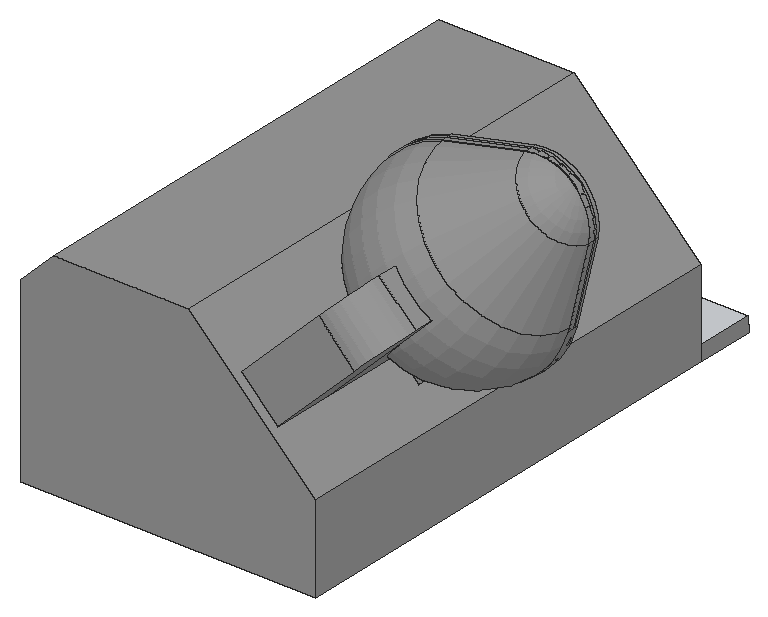
Revit family "Combination-Willoughby-ECW-2046-R-ON", category Plumbing Fixtures, Revit 2015
Parameters (values of type "Standard")
  Waste DIA = 2 3/8"
  Waste Connection = yes
  Vent Connection = no
  URL = "https://www.willoughby-ind.com/wp-content/uploads/2017/12/2046.pdf"
  Revision = "A"
  Lav Waste DIA = 1 1/2"
  Lav Waste Connection = yes
  HW Connection = no
  Flush Inlet DIA = 1 1/2"
  Flush Inlet Connection = yes
  Fixture Body = Stainless Steel AISI 304-Willoughby
  Model = "ECW-2046-R-ON"
  Manufacturer = "Willoughby Industries"
  Description = "2046 Combination Unit, Wall toilet waste outlet, Right hand toilet, Mounted on the floor"
  Default Elevation = 0' - 0"
  Contact = "(800) 428-4065"
  CW Connection = no
Reference planes (in)
  plane 1 "Center (Front/Back)": y = 0
  plane 2: z = 0
  plane 3 "Center (Left/Right)": x = 0
  plane 4: x = 10
  plane 5: x = -10
  plane 6: x = 7.75
  plane 7: x = -1.4375
  plane 8: z = 5.9375
  plane 9: z = 14.5
  plane 10: z = 12.25
  plane 11: y = 32.5
  plane 12: y = 36.5
  plane 13 "Waste HGT": y = 11.5
  plane 14 "Flush Inlet HGT": y = 20.5
  plane 15 "Flush Inlet": x = -6.25
  plane 16 "LAV Waste HGT": y = 24.25
  plane 17 "LAV Waste": x = 2.25
  plane 18: y = 15
  plane 19: x = 6.25
  plane 20 "Lav Waste": x = -2.25
  plane 21: x = -0.25
  plane 22: through (25.12733, 11.75, 7.85808) normal (0.7072, 0, 0.707)
  plane 23: through (23.69321, 11.75, 16.18769) normal (0.7072, 0, 0.707)
  plane 24: through (17.49208, 11.75, 17.77559) normal (0.707, 0, -0.7072)
  plane 25: through (13.24996, 11.75, 22.01875) normal (0.707, 0, -0.7072)
  plane 26: through (5.70707, 0, 10.20707) normal (0.7071, 0, -0.7071)
  plane 27: z = -3
Forms (in)
  Extrusion 1, solid
    sketch origin (0, 0, 0) x (1, 0, 0) y (0, 0, 1)
      loop
        line (10, 0) -> (10, 1.0625) -> (-10, 1.0625) -> (-10, 0) -> (10, 0)
    from -36.5 to -32.5
  Extrusion 2, solid, material "Stainless Steel AISI 304-Willoughby" <- "Fixture Body"
    sketch origin (0, 0, 0) x (-1, 0, 0) y (0, 0, -1)
      loop
        line (10, 0) -> (-10, 0) -> (-10, -5.91414) -> (-1.41414, -14.5) -> (7.71229, -14.5) -> (10, -12.21229) -> (10, 0)
    from 0 to -32.5
  Extrusion 3, solid, material "Stainless Steel AISI 304-Willoughby" <- "Fixture Body"
    sketch origin (0, 0, 0) x (-1, 0, 0) y (0, 0, -1)
      loop
        line (10, 0) -> (-10, 0) -> (-10, -1.0625) -> (10, -1.0625) -> (10, 0)
    from -36.5 to -32.5
  Revolve 4, void
    sketch origin (0, 32.5, -23.44915) x (0, 0, -1) y (-1, 0, 0)
      loop
        spline (-35.4804, 2.39908) -> (-35.33558, 0.71675) -> (-34.91101, -0.85092) -> (-34.2356, -2.19712) -> (-33.3554, -3.23009) -> (-32.33038, -3.87944) -> (-31.2304, -4.10092) -> (-30.13042, -3.87944) -> (-29.1054, -3.23009) -> (-28.22519, -2.19712) -> (-27.54979, -0.85092) -> (-27.12521, 0.71675) -> (-26.9804, 2.39908)
        line (-26.9804, 2.39908) -> (-35.4804, 2.39908)
      axis (-35.4804, 2.39908) -> (-26.9804, 2.39908)
    angle from 0 to 180
  Revolve 5, solid, material "Stainless Steel AISI 304-Willoughby" <- "Fixture Body"
    sketch origin (-0.25, 11.5, -24) x (0, 0, -1) y (-1, 0, 0)
      loop
        line (-20.99306, 0) -> (-20.99306, 1.1875) -> (-25.25, 1.1875) -> (-25.25, 0) -> (-20.99306, 0)
      axis (-25.25, 0) -> (-20.99306, 0)
    angle from 0 to 360
  Revolve 6, solid, material "Stainless Steel AISI 304-Willoughby" <- "Fixture Body"
    sketch origin (0, 20.5, -24) x (0, 0, -1) y (-1, 0, 0)
      loop
        line (-23.99919, -6.25) -> (-23.99919, -5.5) -> (-25.25, -5.5) -> (-25.25, -6.25) -> (-23.99919, -6.25)
      axis (-25.25, -6.25) -> (-23.99919, -6.25)
    angle from 0 to 360
  Revolve 7, solid, material "Stainless Steel AISI 304-Willoughby" <- "Fixture Body"
    sketch origin (0, 24.25, -24) x (0, 0, -1) y (-1, 0, 0)
      loop
        line (-21, 2.25) -> (-21, 3) -> (-25, 3) -> (-25, 2.25) -> (-21, 2.25)
      axis (-21, 2.25) -> (-25, 2.25)
    angle from 0 to 360
  Revolve 8, solid, material "Stainless Steel AISI 304-Willoughby" <- "Fixture Body"
    sketch origin (2.73275, 11.25, 7.26198) x (-0.707193, 0, -0.707021) y (-0.707021, 0, 0.707193)
      loop
        arc (-16.25875, -6.02566) -> (-9.22764, -6.08019) -> (-5.69625, 0) r 7
        line (-5.69625, 0) -> (-6.19625, 0)
        arc (-6.19625, 0) -> (-9.4731, -5.64458) -> (-15.99973, -5.59794) r 6.5
        line (-15.99973, -5.59794) -> (-20.8721, -2.57392)
        arc (-20.8721, -2.57392) -> (-21.91777, -1.47245) -> (-22.28998, 0) r 3
        line (-22.28998, 0) -> (-22.79, 0)
        arc (-22.79, 0) -> (-22.35472, -1.71553) -> (-21.13577, -2.99875) r 3.5
        line (-21.13577, -2.99875) -> (-16.25875, -6.02566)
      axis (-22.79, 0) -> (-5.69625, 0)
    angle from 0 to 180
  Extrusion 9, solid, material "Stainless Steel AISI 304-Willoughby" <- "Fixture Body"
    sketch origin (2.58064, 11.25, 7.10991) x (-0.707193, 0, -0.707021) y (-0.707021, 0, 0.707193)
      loop
        arc (-16.31246, -6.11221) -> (-11.15584, -6.77641) -> (-6.96698, -3.69657) r 6.99024
        line (-6.96698, -3.69657) -> (-4.40074, -3.69657) -> (-4.40074, 3.65625) -> (-6.9421, 3.65625)
        arc (-6.9421, 3.65625) -> (-11.2049, 6.78845) -> (-16.44046, 6.03277) r 6.98205
        line (-16.44046, 6.03277) -> (-21.4104, 2.94819)
        arc (-21.4104, 2.94819) -> (-23.00527, 0) -> (-21.4104, -2.94819) r 3.52237
        line (-21.4104, -2.94819) -> (-16.31246, -6.11221)
      loop
        line (-20.34476, -1.63051) -> (-15.05004, -3.88749)
        arc (-15.05004, -3.88749) -> (-8.1517, 0) -> (-15.05004, 3.88749) r 4.54455
        line (-15.05004, 3.88749) -> (-20.34476, 1.63051)
        arc (-20.34476, 1.63051) -> (-21.22494, 0) -> (-20.34476, -1.63051) r 1.95034
    from 0.25 to -0.5
  Extrusion 10, solid, material "Stainless Steel AISI 304-Willoughby" <- "Fixture Body"
    sketch origin (6.4075, 11.5, 10.93584) x (0, 1, 0) y (0.707193, 0, 0.707021)
      loop
        line (-6.77192, 9.05193) -> (-8.17415, 9.05193)
        arc (-8.17415, 9.05193) -> (-10.09199, 8.25753) -> (-10.88639, 6.33969) r 2.71224
        line (-10.88639, 6.33969) -> (-10.88639, -1.0106) -> (-6.77192, -1.0106) -> (-6.77192, 9.05193)
    from 1.75 to -1.75
  Extrusion 11, solid, material "Stainless Steel AISI 304-Willoughby" <- "Fixture Body"
    sketch origin (6.4075, 11.5, 10.93584) x (0, 1, 0) y (0.707193, 0, 0.707021)
      loop
        line (-6.77192, -1.0106) -> (-0.75, -1.0106) -> (-0.75, 0.82799)
        arc (-0.75, 0.82799) -> (-4.5139, 2.48885) -> (-6.77192, 5.92785) r 7.26374
        line (-6.77192, 5.92785) -> (-6.77192, -1.0106)
    from 1.75 to -1.75
Cuts and joins
  Revolve 4 cuts Extrusion 2
Lines and regions (in)
  symbolic lines
    curve 1: line (10, 0, 0) -> (10, 0, 5.91414)
    curve 2: line (10, 0, 5.91414) -> (1.41414, 0, 14.5)
    curve 3: line (1.41414, 0, 14.5) -> (-7.71229, 0, 14.5)
    curve 4: line (-7.71229, 0, 14.5) -> (-10, 0, 12.21229)
    curve 5: line (-10, 0, 12.21229) -> (-10, 0, 1.0625)
    curve 6: line (-10, 0, 1.0625) -> (-10, 0, 0)
    curve 7: line (-10, 0, 0) -> (10, 0, 0)
    curve 8: spline (4.10092, 0, 7.78125) -> (3.87944, 0, 8.88123) -> (3.23009, 0, 9.90625) -> (2.19712, 0, 10.78645) -> (0.85092, 0, 11.46186) -> (-0.71675, 0, 11.88643) -> (-2.39908, 0, 12.03125) -> (-4.0814, 0, 11.88643) -> (-5.64908, 0, 11.46186) -> (-6.99527, 0, 10.78645) -> (-8.02824, 0, 9.90625) -> (-8.6776, 0, 8.88123) -> (-8.89908, 0, 7.78125) -> (-8.6776, 0, 6.68127) -> (-8.02824, 0, 5.65625) -> (-6.99527, 0, 4.77605) -> (-5.64908, 0, 4.10064) -> (-4.0814, 0, 3.67607) -> (-2.39908, 0, 3.53125) -> (-0.71675, 0, 3.67607) -> (0.85092, 0, 4.10064) -> (2.19712, 0, 4.77605) -> (3.23009, 0, 5.65625) -> (3.87944, 0, 6.68127) -> (4.10092, 0, 7.78125)
    curve 9: line (8.30668, 0, 7.60745) -> (10.12083, 0, 9.4216)
    curve 10: arc (10.12083, 0, 9.4216) -> (15.34032, 0, 10.25257) -> (18.49109, 0, 14.49595) r 7
    curve 11: line (18.49109, 0, 14.49595) -> (19.79999, 0, 20.08471)
    curve 12: arc (19.79999, 0, 20.08471) -> (19.75476, 0, 21.85402) -> (18.84968, 0, 23.37498) r 3.5
    curve 13: arc (18.84968, 0, 23.37498) -> (17.36295, 0, 24.25416) -> (15.6375, 0, 24.33244) r 3.56972
    curve 14: line (15.6375, 0, 24.33244) -> (10.13277, 0, 23.05815)
    curve 15: line (10.13277, 0, 23.05815) -> (10.86305, 0, 23.229)
    curve 16: arc (9.94192, 0, 22.99999) -> (5.70509, 0, 19.83275) -> (4.905, 0, 14.60379) r 6.98205
    curve 17: line (4.905, 0, 14.60379) -> (3.10767, 0, 12.80646)
    curve 18: line (0, 36.5, 0) -> (0, 0, 0)
    curve 19: line (0, 0, 0) -> (0, 0, 14.5)
    curve 20: line (0, 0, 14.5) -> (0, 0.61361, 14.5)
    curve 21: line (0, 11.5, 14.5) -> (0, 32.5, 14.5)
    curve 22: line (0, 32.5, 14.5) -> (0, 32.5, 1.0625)
    curve 23: line (0, 32.5, 1.0625) -> (0, 36.5, 1.0625)
    curve 24: line (0, 36.5, 1.0625) -> (0, 36.5, 0)
    curve 25: line (0, 11.5, 7.60714) -> (0, 11.5, 24.33244)
    curve 26: line (0, 11.5, 24.33244) -> (0, 10.75, 24.33244)
    curve 27: arc (0, 10.75, 24.33244) -> (0, 9.90462, 24.18338) -> (0, 9.16121, 23.75417) r 2.47171
    curve 28: line (0, 9.16121, 23.75417) -> (0, 6.91528, 21.76525)
    curve 29: arc (0, 6.91528, 21.76525) -> (0, 6.34557, 21.22906) -> (0, 5.80938, 20.65935) r 12.90868
    curve 30: arc (0, 5.80938, 20.65935) -> (0, 5.12627, 19.69325) -> (0, 4.66896, 18.60199) r 5.42255
    curve 31: arc (0, 4.66896, 18.60199) -> (0, 4.43139, 17.35199) -> (0, 4.66896, 16.10199) r 3.40724
    curve 32: arc (0, 4.66896, 16.10199) -> (0, 4.51092, 14.71258) -> (0, 4.86079, 13.35868) r 3.8405
    curve 33: arc (0, 4.86079, 13.35868) -> (0, 7.25255, 10.50817) -> (0, 10.75, 9.23782) r 7.17926
    curve 34: line (0, 10.75, 9.23782) -> (0, 10.75, 7.60714)
    curve 35: line (0, 10.75, 7.60714) -> (0, 11.5, 7.60714)
    curve 36: line (0, 10.75, 8.98374) -> (0, 0.61361, 8.98374)
    curve 37: line (0, 0.61361, 8.98374) -> (0, 0.61361, 16.65571)
    curve 38: arc (0, 0.61361, 16.65571) -> (0, 0.71108, 17.18161) -> (0, 0.99054, 17.63764) r 1.46746
    curve 39: arc (0, 0.99054, 17.63764) -> (0, 1.95754, 18.34021) -> (0, 3.12669, 18.58872) r 2.87448
    curve 40: line (0, 3.12669, 18.58872) -> (0, 4.62669, 18.58872)
    curve 41: line (0, 4.66896, 16.10199) -> (0, 3.16896, 16.10199)
    curve 42: arc (0, 3.16896, 16.10199) -> (0, 2.25327, 15.95695) -> (0, 1.42722, 15.53606) r 2.96323
    curve 43: arc (0, 1.42722, 15.53606) -> (0, 0.93173, 15.04057) -> (0, 0.61361, 14.41622) r 2.23967
    curve 44: line (-10, 0, 0) -> (-10, 36.5, 0)
    curve 45: line (-10, 36.5, 0) -> (10, 36.5, 0)
    curve 46: line (10, 36.5, 0) -> (10, 0, 0)
    curve 47: line (10, 0, 0) -> (-10, 0, 0)
    curve 48: line (-10, 32.5, 0) -> (10, 32.5, 0)
    curve 49: line (4.71035, 10.75, 0) -> (3.10777, 10.75, 0)
    curve 50: line (3.10777, 10.75, 0) -> (3.10777, 11.5, 0)
    curve 51: line (3.10777, 11.5, 0) -> (19.88118, 11.5, 0)
    curve 52: line (19.88118, 11.5, 0) -> (19.88118, 10.75, 0)
    curve 53: line (4.45553, 10.75, 0) -> (4.45553, 0.61361, 0)
    curve 54: line (4.45553, 0.61361, 0) -> (12.12817, 0.61361, 0)
    curve 55: arc (12.12817, 0.61361, 0) -> (13.03583, 0.94763, 0) -> (13.66014, 1.68631, 0) r 1.89357
    curve 56: arc (13.66014, 1.68631, 0) -> (13.94049, 2.48552, 0) -> (14.04625, 3.32585, 0) r 3.99948
    curve 57: line (14.04625, 3.32585, 0) -> (14.04625, 4.6597, 0)
    curve 58: arc (14.04625, 4.6597, 0) -> (15.52178, 5.37122, 0) -> (16.77193, 6.42978, 0) r 6.48466
    curve 59: line (16.77193, 6.42978, 0) -> (18.79822, 8.64206, 0)
    curve 60: arc (18.79822, 8.64206, 0) -> (19.48122, 9.62332, 0) -> (19.88118, 10.75, 0) r 4.49181
    curve 61: arc (14.04625, 4.6597, 0) -> (11.70491, 4.24552, 0) -> (9.36357, 4.6597, 0) r 6.82475
    curve 62: arc (9.36357, 4.6597, 0) -> (6.14779, 7.02549, 0) -> (4.71035, 10.75, 0) r 7.12167
Dimensions and locks (in)
  equal spacing: plane 4, plane 3 "Center (Left/Right)", plane 5, locked at 10 each
  level to plane 9 = 1' - 2 1/2"
  level to plane 8 = 0' - 5 15/16"
  plane 10 to plane 9 = 0' - 2 1/4"
  plane 11 to plane 1 "Center (Front/Back)" = 2' - 8 1/2"
  locked: plane 18 to plane 1 "Center (Front/Back)" at 15
  locked: plane 13 "Waste HGT" to plane 1 "Center (Front/Back)" at 11.5
  locked: plane 14 "Flush Inlet HGT" to plane 1 "Center (Front/Back)" at 20.5
  locked: plane 16 "LAV Waste HGT" to plane 1 "Center (Front/Back)" at 24.25
  locked: plane 1 "Center (Front/Back)" to plane 13 "Waste HGT" at 11.5
  locked: plane 1 "Center (Front/Back)" to plane 14 "Flush Inlet HGT" at 20.5
  locked: plane 1 "Center (Front/Back)" to plane 16 "LAV Waste HGT" at 24.25
  locked: plane 5 to plane 15 "Flush Inlet" at 3.75
  locked: plane 17 "LAV Waste" to plane 4 at 7.75
  locked: plane 1 "Center (Front/Back)" to plane 11 at 32.5
  locked: plane 1 "Center (Front/Back)" to plane 12 at 36.5
  plane 5 to plane 4 = 1' - 8"
  plane 20 "Lav Waste" to plane 5 = 0' - 7 3/4"
  plane 4 to plane 21 = 0' - 10 1/4"
  plane 21 to plane 4 = 0' - 10 1/4"
  locked: plane 1 "Center (Front/Back)" to plane 18 at 15
  plane 24 to plane 25 = 0' - 6"
  aligned and locked: plane 12 to Extrusion 1
  aligned and locked: Extrusion 3 to Extrusion 2
  aligned and locked: Revolve 5 sketch curve to Revolve 5 sketch curve  (x2)
  aligned and locked: Revolve 6 sketch curve to Revolve 6 sketch curve  (x2)
  aligned and locked: Revolve 7 sketch curve to Revolve 7 sketch curve  (x2)
Automatic sketch dimensions
  Extrusion 1 sketch curve to level = 0' - 0"
  Extrusion 1 sketch curve to plane 5 = 0' - 0"
  Extrusion 1 sketch curve to plane 4 = 0' - 0"
  Extrusion 1 sketch curve to Extrusion 1 sketch curve = 0' - 1 1/16"
  Extrusion 2 sketch curve to level = 0' - 0"
  Extrusion 2 sketch curve to plane 4 = 0' - 0"
  Extrusion 2 sketch curve to plane 9 = 0' - 0"
  Extrusion 2 sketch curve to plane 5 = 0' - 0"
  plane 17 "LAV Waste" to Extrusion 2 sketch curve = 0' - 0.83586"
  plane 15 "Flush Inlet" to Extrusion 2 sketch curve = 0' - 1.46229"
  plane 8 to Extrusion 2 sketch curve = 0' - 0.02336"
  plane 10 to Extrusion 2 sketch curve = 0' - 0.03771"
  Extrusion 3 sketch curve to level = 0' - 0"
  Extrusion 3 sketch curve to plane 4 = 0' - 0"
  Extrusion 3 sketch curve to plane 5 = 0' - 0"
  Extrusion 3 sketch curve to level = 0' - 1 1/16"
  Revolve 4 sketch curve to plane 10 = 0' - 0 7/32"
  Revolve 4 sketch curve to plane 7 = 0' - 0.96158"
  Revolve 4 sketch curve to plane 8 = 0' - 2 13/32"
  Revolve 4 sketch curve to Revolve 4 sketch curve = 0' - 0"  (x3)
  plane 5 to Revolve 4 sketch curve = 0' - 1.10092"
  Revolve 5 sketch curve to plane 3 "Center (Left/Right)" = 0' - 0 1/4"  (x2)
  Revolve 5 sketch curve to plane 7 = 0' - 0"
  level to Revolve 5 sketch curve = 0' - 1 1/4"
  Revolve 5 sketch curve to level = 0' - 3.00694"
  Revolve 5 sketch curve to Revolve 5 sketch curve = 0' - 0.25694"
  level to Revolve 6 sketch curve = 0' - 1 1/4"
  Revolve 6 sketch curve to level = 0' - 0.00081"
  Revolve 6 sketch curve to plane 6 = 0' - 1 1/2"
  Revolve 6 sketch curve to Revolve 6 sketch curve = 0' - 0 3/4"
  Revolve 6 sketch curve to Revolve 6 sketch curve = 0' - 2.74919"
  level to Revolve 7 sketch curve = 0' - 1"
  Revolve 7 sketch curve to level = 0' - 3"
  Revolve 7 sketch curve to plane 7 = 0' - 0 13/16"
  Revolve 7 sketch curve to Revolve 7 sketch curve = 0' - 0 3/4"
  Revolve 7 sketch curve to Revolve 7 sketch curve = 0' - 0"
  Revolve 8 sketch curve to Revolve 8 sketch curve = 0' - 0"  (x7)
  Revolve 8 sketch curve to plane 22 = 0' - 0"
  Revolve 8 sketch curve to plane 23 = 0' - 1.84366"
  Revolve 8 sketch curve to plane 23 = 0' - 0.26165"
  Revolve 8 sketch curve to plane 24 = 0' - 0.00125"
  plane 23 to Revolve 8 sketch curve = 0' - 0.00202"
  plane 23 to Revolve 8 sketch curve = 0' - 1 5/32"
  Revolve 8 sketch curve to Revolve 8 sketch curve = 0' - 0 1/2"  (x2)
  Revolve 8 sketch curve to plane 22 = 0' - 0.25901"
  Revolve 8 sketch curve to plane 22 = 0' - 3 9/16"
  Revolve 8 sketch curve to plane 24 = 0' - 3"
  Revolve 8 sketch curve to Revolve 8 sketch curve = 0' - 6 1/2"
  Revolve 8 sketch curve to plane 24 = 0' - 0.42608"
  plane 26 to Extrusion 9 sketch curve = 0' - 2.9301"
  plane 4 to Extrusion 9 sketch curve = 0' - 9.80635"
  Extrusion 9 sketch curve to Extrusion 9 sketch curve = 0' - 0"  (x2)
  Extrusion 9 sketch curve to Extrusion 9 sketch curve = 0' - 1.06564"  (x2)
  Extrusion 9 sketch curve to Extrusion 9 sketch curve = 0' - 0.86186"
  Extrusion 9 sketch curve to Extrusion 9 sketch curve = 0' - 0.2083"
  Extrusion 9 sketch curve to Extrusion 9 sketch curve = 0' - 4.96994"
  Extrusion 9 sketch curve to Extrusion 9 sketch curve = 0' - 5.09794"
  Extrusion 9 sketch curve to Extrusion 9 sketch curve = 0' - 1.39042"
  Extrusion 9 sketch curve to Extrusion 9 sketch curve = 0' - 1.26242"
  Extrusion 9 sketch curve to Extrusion 9 sketch curve = 0' - 2.14484"
  Extrusion 9 sketch curve to Extrusion 9 sketch curve = 0' - 0.00561"
  Extrusion 9 sketch curve to Extrusion 9 sketch curve = 0' - 0.20334"
  Extrusion 9 sketch curve to Extrusion 9 sketch curve = 0' - 5.72926"
  Extrusion 9 sketch curve to Extrusion 9 sketch curve = 0' - 5.75415"
  Extrusion 9 sketch curve to Extrusion 9 sketch curve = 0' - 2.54136"
  Extrusion 9 sketch curve to Extrusion 9 sketch curve = 0' - 0.74838"
  Extrusion 9 sketch curve to Extrusion 9 sketch curve = 0' - 0.9393"
  Extrusion 9 sketch curve to Extrusion 9 sketch curve = 0' - 2.22472"
  Extrusion 9 sketch curve to Extrusion 9 sketch curve = 0' - 1.31767"
  Extrusion 9 sketch curve to Extrusion 9 sketch curve = 0' - 0.00861"
  Extrusion 9 sketch curve to Extrusion 9 sketch curve = 0' - 1.63051"
  Extrusion 9 sketch curve to Extrusion 9 sketch curve = 0' - 0.0238"
  Extrusion 9 sketch curve to Extrusion 9 sketch curve = 0' - 3 21/32"
  Extrusion 10 sketch curve to plane 1 "Center (Front/Back)" = 0' - 0.61361"
  Extrusion 10 sketch curve to Extrusion 10 sketch curve = 0' - 2.71224"
  Extrusion 10 sketch curve to Extrusion 10 sketch curve = 0' - 4.11447"
  Extrusion 10 sketch curve to Extrusion 10 sketch curve = 0' - 7.35029"
  Extrusion 11 sketch curve to plane 1 "Center (Front/Back)" = 0' - 4.72808"
  Extrusion 11 sketch curve to plane 13 "Waste HGT" = 0' - 0 3/4"
  plane 13 "Waste HGT" to Extrusion 11 sketch curve = 0' - 0.18041"
  Extrusion 11 sketch curve to Extrusion 11 sketch curve = 0' - 1.83859"
  Extrusion 11 sketch curve to Extrusion 11 sketch curve = 0' - 6.93845"
  curve 6 to plane 5 = 0' - 0"
  curve 4 to plane 9 = 0' - 0"
  curve 7 to level = 0' - 0"
  curve 7 to plane 4 = 0' - 0"
  curve 4 to plane 15 "Flush Inlet" = 0' - 1.46229"
  curve 2 to plane 17 "LAV Waste" = 0' - 0.83586"
  plane 4 to curve 9 = 0' - 0.12083"
  plane 4 to curve 15 = 0' - 0.13277"
  plane 4 to curve 16 = 0' - 1.6924"
  curve 16 to curve 10 = 0' - 0.01905"
  plane 4 to curve 14 = 0' - 5.6375"
  curve 14 to curve 13 = 0' - 0.70576"
  curve 13 to curve 12 = 0' - 0.04895"
  curve 11 to plane 9 = 0' - 0.00405"
  curve 13 to curve 11 = 0' - 2.14784"
  plane 9 to curve 11 = 0' - 5.58471"
  curve 12 to curve 11 = 0' - 3.40779"
  curve 6 to curve 5 = 0' - 1 1/16"
  curve 1 to plane 8 = 0' - 0.02336"
  plane 8 to curve 9 = 0' - 3.4841"
  curve 4 to plane 10 = 0' - 0.03771"
  curve 10 to curve 16 = 0' - 0.00244"
  curve 11 to curve 13 = 0' - 0.74847"
  curve 13 to curve 12 = 0' - 0.04964"
  curve 13 to curve 15 = 0' - 2.22497"
  curve 12 to curve 14 = 0' - 0.95746"
  plane 20 "Lav Waste" to curve 8 = 0' - 0.14908"
  plane 17 "LAV Waste" to curve 8 = 0' - 1.85092"
  plane 9 to curve 17 = 0' - 0.10379"
  curve 16 to plane 4 = 0' - 0.05808"
  curve 14 to curve 15 = 0' - 0.73028"
  plane 8 to curve 8 = 0' - 1 27/32"
  plane 10 to curve 17 = 0' - 0.55646"
  curve 14 to curve 15 = 0' - 0.17085"
  curve 18 to level = 0' - 0"
  curve 18 to plane 1 "Center (Front/Back)" = 0' - 0"
  curve 20 to plane 9 = 0' - 0"
  curve 35 to plane 13 "Waste HGT" = 0' - 0"
  curve 21 to plane 9 = 0' - 0"
  curve 21 to plane 11 = 0' - 0"
  curve 24 to plane 12 = 0' - 0"
  curve 37 to plane 1 "Center (Front/Back)" = 0' - 0.61361"
  curve 43 to plane 9 = 0' - 0.77587"
  curve 38 to curve 39 = 0' - 1.04562"
  curve 39 to curve 41 = 0' - 0.04227"
  curve 42 to curve 41 = 0' - 1 1/2"
  curve 28 to plane 13 "Waste HGT" = 0' - 4.58472"
  curve 32 to curve 31 = 0' - 3.16966"
  plane 9 to curve 32 = 0' - 0 123/256"
  curve 31 to curve 32 = 0' - 0.50344"
  curve 28 to plane 13 "Waste HGT" = 0' - 2.33879"
  curve 30 to plane 13 "Waste HGT" = 0' - 1.63106"
  curve 35 to plane 13 "Waste HGT" = 0' - 0 3/4"
  curve 27 to plane 13 "Waste HGT" = 0' - 0 3/4"
  curve 33 to plane 13 "Waste HGT" = 0' - 0.13148"
  curve 29 to plane 10 = 0' - 0.14875"
  plane 18 to curve 29 = 0' - 0.47338"
  level to curve 24 = 0' - 1 1/16"
  plane 8 to curve 35 = 0' - 1.66964"
  plane 8 to curve 36 = 0' - 3.04624"
  curve 36 to curve 34 = 0' - 0.25408"
  curve 42 to curve 43 = 0' - 0.58538"
  plane 9 to curve 39 = 0' - 1.21424"
  curve 39 to curve 41 = 0' - 0.38775"
  plane 9 to curve 33 = 0' - 1.89039"
  curve 20 to curve 37 = 0' - 2.15571"
  curve 33 to curve 30 = 0' - 0.67395"
  curve 30 to curve 31 = 0' - 0.28764"
  curve 38 to curve 40 = 0' - 1.933"
  curve 40 to curve 28 = 0' - 3.17653"
  curve 28 to curve 27 = 0' - 0.09547"
  curve 27 to curve 28 = 0' - 1.89344"
  curve 43 to curve 38 = 0' - 0.65386"
  curve 42 to curve 43 = 0' - 0"
  curve 39 to curve 40 = 0' - 1 1/2"
  curve 40 to curve 31 = 0' - 0.04227"
  curve 43 to plane 9 = 0' - 0.08378"
  plane 1 "Center (Front/Back)" to curve 44 = 0' - 0"
  curve 44 to plane 5 = 0' - 0"
  curve 51 to plane 13 "Waste HGT" = 0' - 0"
  curve 45 to plane 4 = 0' - 0"
  curve 48 to plane 11 = 0' - 0"
  curve 45 to plane 12 = 0' - 0"
  plane 17 "LAV Waste" to curve 51 = 0' - 0.85777"
  curve 54 to plane 1 "Center (Front/Back)" = 0' - 0.61361"
  plane 4 to curve 56 = 0' - 0.0475"
  curve 61 to plane 13 "Waste HGT" = 0' - 0.42973"
  plane 4 to curve 61 = 0' - 1.70491"
  curve 61 to curve 62 = 0' - 0.10186"
  plane 4 to curve 55 = 0' - 1.94972"
  curve 61 to curve 58 = 0' - 0.28507"
  curve 55 to curve 54 = 0' - 0.17845"
  plane 13 "Waste HGT" to curve 60 = 0' - 0.17596"
  curve 58 to curve 60 = 0' - 3.49587"
  curve 59 to plane 13 "Waste HGT" = 0' - 5.07022"
  curve 57 to curve 59 = 0' - 2.72568"
  curve 59 to plane 13 "Waste HGT" = 0' - 2.85794"
  curve 58 to curve 59 = 0' - 2.02629"
  curve 59 to curve 52 = 0' - 1.08296"
  curve 54 to curve 55 = 0' - 1.88514"
  curve 55 to curve 57 = 0' - 0.8271"
  curve 55 to curve 56 = 0' - 0.90355"
  curve 56 to curve 57 = 0' - 1.33385"
  curve 49 to curve 50 = 0' - 0 3/4"
  curve 62 to plane 13 "Waste HGT" = 0' - 0.15083"
  curve 53 to curve 49 = 0' - 0.25482"
  curve 62 to plane 4 = 0' - 0.63643"
  curve 61 to curve 62 = 0' - 0"
Connectors (in)
  piping at (-0.25, 11.5, -3.00694), diameter 2.375, driven by "Waste Connection", driven by "Waste DIA"
    settings: on Revolve 5, index 4, connector inside diameter 24", connector length 0' - 0", flow factor 0, pipe flow 0 GPM, pressure drop 0.00 psi, fitting loss kfactor 0, connector angle 0.00°, fixture units 0, engagement length 0' - 0", angle of deflection 0.00°, flow configuration 0, flow direction 2, fitting loss method 0, system type 16, joint type 0, gender type 0, connector reference index -1, connector utility 1, adjustable connector no, is connector primary yes, connector description "Toilet Waste"
  piping at (6.25, 20.5, -0.00081), diameter 1.5, driven by "Flush Inlet DIA", driven by "Flush Inlet Connection"
    settings: on Revolve 6, index 5, connector inside diameter 24", connector length 0' - 0", flow factor 0, pipe flow 0 GPM, pressure drop 0.00 psi, fitting loss kfactor 0, connector angle 0.00°, fixture units 0, engagement length 0' - 0", angle of deflection 0.00°, flow configuration 0, flow direction 1, fitting loss method 0, system type 20, joint type 0, gender type 0, connector reference index -1, connector utility 1, adjustable connector no, is connector primary no, connector description "Flush Inlet"
  piping at (-2.25, 24.25, -3), diameter 1.5, driven by "Lav Waste DIA", driven by "Lav Waste Connection"
    settings: on Revolve 7, index 6, connector inside diameter 24", connector length 0' - 0", flow factor 0, pipe flow 0 GPM, pressure drop 0.00 psi, fitting loss kfactor 0, connector angle 0.00°, fixture units 0, engagement length 0' - 0", angle of deflection 0.00°, flow configuration 0, flow direction 2, fitting loss method 0, system type 16, joint type 0, gender type 0, connector reference index -1, connector utility 1, adjustable connector no, is connector primary no, connector description "Sink Waste"
